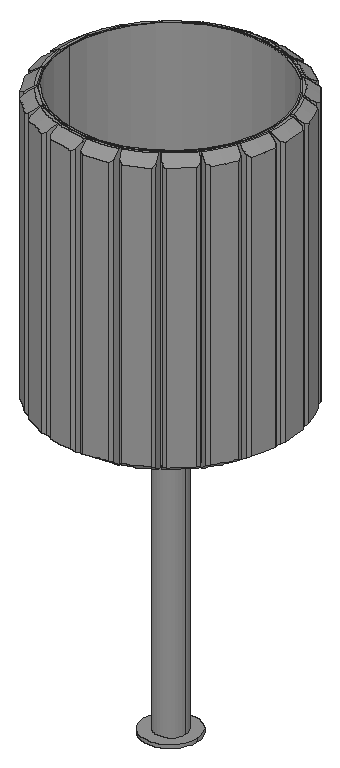
Revit family "Урна уличная «Радиус» Арт 7281", category Антураж, Revit 2018
Family settings
  На основе рабочей плоскости = Нет
  Всегда вертикально = Да
  При загрузке вырезать с полостями = Нет
  Источник визуального образа = Геометрия семейства
  Общий = Нет
  Точка расчета площади = Нет
Parameters (values of type "Урна уличная «Радиус». Версия Нержавеющая сталь")
  Ширина = Диаметр  # 400 mm
  Цвет урны = Нержавеющая сталь
  Цвет отделки = Дерево
  Описание = if(Нержавеющая сталь, "Урна уличная «Радиус». Версия: Нержавеющая сталь", "Урна уличная «Радиус». Версия: Объём 30 литров")  # "Урна уличная «Радиус». Версия: Нержавеющая сталь"
  Объём 30 литров = not(Нержавеющая сталь)  # no
  Нержавеющая сталь = yes
  Материал изделия = "Сталь, дерево"  # constant formula
  Изображение типоразмера = Урна уличная «Радиус» Арт 7281.jpg
  Изготовитель = "ООО «Хоббика»"  # constant formula
  Длина = Диаметр  # 400 mm
  Диаметр = 400 mm  # constant formula
  Группа модели = "Уличные урны"  # constant formula
  Высота = 580 mm  # constant formula
  Артикул товара = "Арт. 7281"  # constant formula
  URL = "https://hobbyka.ru/product/urna_ulichnaia_radius/"
Types (3, lengths in mm): name | Цвет урны | Описание | Объём 30 литров | Нержавеющая сталь
  (no name) | Нержавеющая сталь | "Урна уличная «Радиус». Версия: Нержавеющая сталь" | no | yes
  Урна уличная «Радиус». Версия Нержавеющая сталь | Нержавеющая сталь | "Урна уличная «Радиус». Версия: Нержавеющая сталь" | no | yes
  Урна уличная «Радиус». Версия Объём 30 литров | Сталь | "Урна уличная «Радиус». Версия: Объём 30 литров" | yes | no
Reference planes
  plane 1 "По центру (Вперед/Назад)": y = 0
  plane 2: z = 0
  plane 3 "По центру (Влево/Вправо)": x = 0
  plane 4: y = 400
  plane 5: x = 400
  plane 6: z = 580
Forms (mm)
  Extrusion 1, solid, material "Нержавеющая сталь" <- "Цвет урны"
    sketch origin (0, 0, 0) x (1, 0, 0) y (0, 1, 0)
      loop
        circle (200, 200) r 25
    from -400 to 100
  Extrusion 2, solid, material "Нержавеющая сталь" <- "Цвет урны"
    sketch origin (0, 0, 0) x (1, 0, 0) y (0, 1, 0)
      loop
        circle (200, 200) r 45
    from -400 to -395
  Extrusion 3, solid, material "Нержавеющая сталь" <- "Цвет урны"
    sketch origin (0, 0, 0) x (1, 0, 0) y (0, 1, 0)
      loop
        circle (200, 200) r 175
    from 100 to 580
  Extrusion 4, void
    sketch origin (0, 0, 0) x (1, 0, 0) y (0, 1, 0)
      loop
        circle (200, 200) r 173
    from 102 to 580
  Extrusion 5, solid, material "Дерево" <- "Цвет отделки"
    sketch origin (0, 0, 0) x (1, 0, 0) y (0, 1, 0)
      loop
        line (175, 375) -> (225, 375) -> (225, 393.431) -> (220, 398.431) -> (180, 398.431) -> (175, 393.431) -> (175, 375)
    from 100 to 580
  Extrusion 6, solid, material "Дерево" <- "Цвет отделки"
    sketch origin (-50.067, 67.838, 0) x (0.955571, -0.294762, 0) y (0.294762, 0.955571, 0)
      loop
        line (175, 375) -> (225, 375) -> (225, 393.431) -> (220, 398.431) -> (180, 398.431) -> (175, 393.431) -> (175, 375)
    from 100 to 580
  Extrusion 7, solid, material "Дерево" <- "Цвет отделки"
    sketch origin (-77.913, 147.42, 0) x (0.826231, -0.563332, 0) y (0.563332, 0.826231, 0)
      loop
        line (175, 375) -> (225, 375) -> (225, 393.431) -> (220, 398.431) -> (180, 398.431) -> (175, 393.431) -> (175, 375)
    from 100 to 580
  Extrusion 8, solid, material "Дерево" <- "Цвет отделки"
    sketch origin (-81.064, 231.674, 0) x (0.623473, -0.781845, 0) y (0.781845, 0.623473, 0)
      loop
        line (175, 375) -> (225, 375) -> (225, 393.431) -> (220, 398.431) -> (180, 398.431) -> (175, 393.431) -> (175, 375)
    from 100 to 580
  Extrusion 9, solid, material "Дерево" <- "Цвет отделки"
    sketch origin (-59.24, 313.114, 0) x (0.365314, -0.930884, 0) y (0.930884, 0.365314, 0)
      loop
        line (175, 375) -> (225, 375) -> (225, 393.431) -> (220, 398.431) -> (180, 398.431) -> (175, 393.431) -> (175, 375)
    from 100 to 580
  Extrusion 10, solid, material "Дерево" <- "Цвет отделки"
    sketch origin (-14.38, 384.502, 0) x (0.074694, -0.997206, 0) y (0.997206, 0.074694, 0)
      loop
        line (175, 375) -> (225, 375) -> (225, 393.431) -> (220, 398.431) -> (180, 398.431) -> (175, 393.431) -> (175, 375)
    from 100 to 580
  Extrusion 11, solid, material "Дерево" <- "Цвет отделки"
    sketch origin (49.529, 439.496, 0) x (-0.222563, -0.974918, 0) y (0.974918, -0.222563, 0)
      loop
        line (175, 375) -> (225, 375) -> (225, 393.431) -> (220, 398.431) -> (180, 398.431) -> (175, 393.431) -> (175, 375)
    from 100 to 580
  Extrusion 12, solid, material "Дерево" <- "Цвет отделки"
    sketch origin (126.809, 473.209, 0) x (-0.500044, -0.866, 0) y (0.866, -0.500044, 0)
      loop
        line (175, 375) -> (225, 375) -> (225, 393.431) -> (220, 398.431) -> (180, 398.431) -> (175, 393.431) -> (175, 375)
    from 100 to 580
  Extrusion 13, solid, material "Дерево" <- "Цвет отделки"
    sketch origin (210.592, 482.644, 0) x (-0.733091, -0.680131, 0) y (0.680131, -0.733091, 0)
      loop
        line (175, 375) -> (225, 375) -> (225, 393.431) -> (220, 398.431) -> (180, 398.431) -> (175, 393.431) -> (175, 375)
    from 100 to 580
  Extrusion 14, solid, material "Дерево" <- "Цвет отделки"
    sketch origin (293.434, 466.964, 0) x (-0.900997, -0.433825, 0) y (0.433825, -0.900997, 0)
      loop
        line (175, 375) -> (225, 375) -> (225, 393.431) -> (220, 398.431) -> (180, 398.431) -> (175, 393.431) -> (175, 375)
    from 100 to 580
  Extrusion 15, solid, material "Дерево" <- "Цвет отделки"
    sketch origin (367.974, 427.563, 0) x (-0.988842, -0.148971, 0) y (0.148971, -0.988842, 0)
      loop
        line (175, 375) -> (225, 375) -> (225, 393.431) -> (220, 398.431) -> (180, 398.431) -> (175, 393.431) -> (175, 375)
    from 100 to 580
  Extrusion 16, solid, material "Дерево" <- "Цвет отделки"
    sketch origin (427.588, 367.94, 0) x (-0.988819, 0.14912, 0) y (-0.14912, -0.988819, 0)
      loop
        line (175, 375) -> (225, 375) -> (225, 393.431) -> (220, 398.431) -> (180, 398.431) -> (175, 393.431) -> (175, 375)
    from 100 to 580
  Extrusion 17, solid, material "Дерево" <- "Цвет отделки"
    sketch origin (466.979, 293.394, 0) x (-0.900931, 0.433961, 0) y (-0.433961, -0.900931, 0)
      loop
        line (175, 375) -> (225, 375) -> (225, 393.431) -> (220, 398.431) -> (180, 398.431) -> (175, 393.431) -> (175, 375)
    from 100 to 580
  Extrusion 18, solid, material "Дерево" <- "Цвет отделки"
    sketch origin (482.646, 210.549, 0) x (-0.732988, 0.680241, 0) y (-0.680241, -0.732988, 0)
      loop
        line (175, 375) -> (225, 375) -> (225, 393.431) -> (220, 398.431) -> (180, 398.431) -> (175, 393.431) -> (175, 375)
    from 100 to 580
  Extrusion 19, solid, material "Дерево" <- "Цвет отделки"
    sketch origin (473.198, 126.767, 0) x (-0.499913, 0.866076, 0) y (-0.866076, -0.499913, 0)
      loop
        line (175, 375) -> (225, 375) -> (225, 393.431) -> (220, 398.431) -> (180, 398.431) -> (175, 393.431) -> (175, 375)
    from 100 to 580
  Extrusion 20, solid, material "Дерево" <- "Цвет отделки"
    sketch origin (439.474, 49.493, 0) x (-0.222416, 0.974952, 0) y (-0.974952, -0.222416, 0)
      loop
        line (175, 375) -> (225, 375) -> (225, 393.431) -> (220, 398.431) -> (180, 398.431) -> (175, 393.431) -> (175, 375)
    from 100 to 580
  Extrusion 21, solid, material "Дерево" <- "Цвет отделки"
    sketch origin (384.47, -14.408, 0) x (0.074845, 0.997195, 0) y (-0.997195, 0.074845, 0)
      loop
        line (175, 375) -> (225, 375) -> (225, 393.431) -> (220, 398.431) -> (180, 398.431) -> (175, 393.431) -> (175, 375)
    from 100 to 580
  Extrusion 22, solid, material "Дерево" <- "Цвет отделки"
    sketch origin (313.075, -59.257, 0) x (0.365455, 0.930829, 0) y (-0.930829, 0.365455, 0)
      loop
        line (175, 375) -> (225, 375) -> (225, 393.431) -> (220, 398.431) -> (180, 398.431) -> (175, 393.431) -> (175, 375)
    from 100 to 580
  Extrusion 23, solid, material "Дерево" <- "Цвет отделки"
    sketch origin (231.632, -81.068, 0) x (0.623591, 0.781751, 0) y (-0.781751, 0.623591, 0)
      loop
        line (175, 375) -> (225, 375) -> (225, 393.431) -> (220, 398.431) -> (180, 398.431) -> (175, 393.431) -> (175, 375)
    from 100 to 580
  Extrusion 24, solid, material "Дерево" <- "Цвет отделки"
    sketch origin (147.378, -77.905, 0) x (0.826316, 0.563207, 0) y (-0.563207, 0.826316, 0)
      loop
        line (175, 375) -> (225, 375) -> (225, 393.431) -> (220, 398.431) -> (180, 398.431) -> (175, 393.431) -> (175, 375)
    from 100 to 580
  Extrusion 25, solid, material "Дерево" <- "Цвет отделки"
    sketch origin (67.801, -50.047, 0) x (0.955615, 0.294618, 0) y (-0.294618, 0.955615, 0)
      loop
        line (175, 375) -> (225, 375) -> (225, 393.431) -> (220, 398.431) -> (180, 398.431) -> (175, 393.431) -> (175, 375)
    from 100 to 580
  Revolve 26, void
    sketch origin (200, 0, 0) x (0, 1, 0) y (0, 0, 1)
      loop
        line (0, 580) -> (0, 566.51) -> (20, 580) -> (0, 580)
      loop
        line (0, 100) -> (20, 100) -> (0, 113.49) -> (0, 100)
      axis (200, 580) -> (200, 100)
    angle from 0 to 360
Cuts and joins
  Extrusion 4 cuts Extrusion 1
  joined: Extrusion 1, Extrusion 2
  Extrusion 4, Revolve 26 cuts Extrusion 3
  Revolve 26 cuts Extrusion 17
  Revolve 26 cuts Extrusion 18
  Revolve 26 cuts Extrusion 24
  Revolve 26 cuts Extrusion 25
  Revolve 26 cuts Extrusion 23
  Revolve 26 cuts Extrusion 22
  Revolve 26 cuts Extrusion 21
  Revolve 26 cuts Extrusion 20
  Revolve 26 cuts Extrusion 19
  Revolve 26 cuts Extrusion 6
  Revolve 26 cuts Extrusion 5
  Revolve 26 cuts Extrusion 7
  Revolve 26 cuts Extrusion 8
  Revolve 26 cuts Extrusion 9
  Revolve 26 cuts Extrusion 10
  Revolve 26 cuts Extrusion 11
  Revolve 26 cuts Extrusion 12
  Revolve 26 cuts Extrusion 13
  Revolve 26 cuts Extrusion 14
  Revolve 26 cuts Extrusion 15
  Revolve 26 cuts Extrusion 16
Lines and regions (mm)
  reference lines
    curve 1: circle (200, 200, 0) r 200 normal (0, 0, 1)
  symbolic lines
    curve 2: line (0, 200, 0) -> (400, 200, 0)
Dimensions and locks
  "Длина": plane 5 to plane 3 "По центру (Влево/Вправо)"
  "Ширина": plane 4 to plane 1 "По центру (Вперед/Назад)"
  "Высота": plane 6 to plane 2
  "Диаметр": diameter of curve 1
  aligned and locked: level to plane 2
Automatic sketch dimensions
  Extrusion 5 sketch curve to Extrusion 5 sketch curve = 50 mm
  Extrusion 5 sketch curve to Extrusion 5 sketch curve = 5 mm  (x3)
  Extrusion 5 sketch curve to Extrusion 5 sketch curve = 18.431 mm  (x2)
  Extrusion 6 sketch curve to Extrusion 6 sketch curve = 50 mm
  Extrusion 6 sketch curve to Extrusion 6 sketch curve = 5 mm  (x3)
  Extrusion 6 sketch curve to Extrusion 6 sketch curve = 18.431 mm  (x2)
  Extrusion 7 sketch curve to Extrusion 7 sketch curve = 50 mm
  Extrusion 7 sketch curve to Extrusion 7 sketch curve = 5 mm  (x3)
  Extrusion 7 sketch curve to Extrusion 7 sketch curve = 18.431 mm  (x2)
  Extrusion 8 sketch curve to Extrusion 8 sketch curve = 50 mm
  Extrusion 8 sketch curve to Extrusion 8 sketch curve = 5 mm  (x3)
  Extrusion 8 sketch curve to Extrusion 8 sketch curve = 18.431 mm  (x2)
  Extrusion 9 sketch curve to Extrusion 9 sketch curve = 50 mm
  Extrusion 9 sketch curve to Extrusion 9 sketch curve = 5 mm  (x3)
  Extrusion 9 sketch curve to Extrusion 9 sketch curve = 18.431 mm  (x2)
  Extrusion 10 sketch curve to Extrusion 10 sketch curve = 50 mm
  Extrusion 10 sketch curve to Extrusion 10 sketch curve = 5 mm  (x3)
  Extrusion 10 sketch curve to Extrusion 10 sketch curve = 18.431 mm  (x2)
  Extrusion 11 sketch curve to Extrusion 11 sketch curve = 50 mm
  Extrusion 11 sketch curve to Extrusion 11 sketch curve = 5 mm  (x3)
  Extrusion 11 sketch curve to Extrusion 11 sketch curve = 18.431 mm  (x2)
  Extrusion 12 sketch curve to Extrusion 12 sketch curve = 50 mm
  Extrusion 12 sketch curve to Extrusion 12 sketch curve = 5 mm  (x3)
  Extrusion 12 sketch curve to Extrusion 12 sketch curve = 18.431 mm  (x2)
  Extrusion 13 sketch curve to Extrusion 13 sketch curve = 50 mm
  Extrusion 13 sketch curve to Extrusion 13 sketch curve = 5 mm  (x3)
  Extrusion 13 sketch curve to Extrusion 13 sketch curve = 18.431 mm  (x2)
  Extrusion 14 sketch curve to Extrusion 14 sketch curve = 50 mm
  Extrusion 14 sketch curve to Extrusion 14 sketch curve = 5 mm  (x3)
  Extrusion 14 sketch curve to Extrusion 14 sketch curve = 18.431 mm  (x2)
  Extrusion 15 sketch curve to Extrusion 15 sketch curve = 50 mm
  Extrusion 15 sketch curve to Extrusion 15 sketch curve = 5 mm  (x3)
  Extrusion 15 sketch curve to Extrusion 15 sketch curve = 18.431 mm  (x2)
  Extrusion 16 sketch curve to Extrusion 16 sketch curve = 50 mm
  Extrusion 16 sketch curve to Extrusion 16 sketch curve = 5 mm  (x3)
  Extrusion 16 sketch curve to Extrusion 16 sketch curve = 18.431 mm  (x2)
  Extrusion 17 sketch curve to Extrusion 17 sketch curve = 50 mm
  Extrusion 17 sketch curve to Extrusion 17 sketch curve = 5 mm  (x3)
  Extrusion 17 sketch curve to Extrusion 17 sketch curve = 18.431 mm  (x2)
  Extrusion 18 sketch curve to Extrusion 18 sketch curve = 50 mm
  Extrusion 18 sketch curve to Extrusion 18 sketch curve = 5 mm  (x3)
  Extrusion 18 sketch curve to Extrusion 18 sketch curve = 18.431 mm  (x2)
  Extrusion 19 sketch curve to Extrusion 19 sketch curve = 50 mm
  Extrusion 19 sketch curve to Extrusion 19 sketch curve = 5 mm  (x3)
  Extrusion 19 sketch curve to Extrusion 19 sketch curve = 18.431 mm  (x2)
  Extrusion 20 sketch curve to Extrusion 20 sketch curve = 50 mm
  Extrusion 20 sketch curve to Extrusion 20 sketch curve = 5 mm  (x3)
  Extrusion 20 sketch curve to Extrusion 20 sketch curve = 18.431 mm  (x2)
  Extrusion 21 sketch curve to Extrusion 21 sketch curve = 50 mm
  Extrusion 21 sketch curve to Extrusion 21 sketch curve = 5 mm  (x3)
  Extrusion 21 sketch curve to Extrusion 21 sketch curve = 18.431 mm  (x2)
  Extrusion 22 sketch curve to Extrusion 22 sketch curve = 50 mm
  Extrusion 22 sketch curve to Extrusion 22 sketch curve = 5 mm  (x3)
  Extrusion 22 sketch curve to Extrusion 22 sketch curve = 18.431 mm  (x2)
  Extrusion 23 sketch curve to Extrusion 23 sketch curve = 50 mm
  Extrusion 23 sketch curve to Extrusion 23 sketch curve = 5 mm  (x3)
  Extrusion 23 sketch curve to Extrusion 23 sketch curve = 18.431 mm  (x2)
  Extrusion 24 sketch curve to Extrusion 24 sketch curve = 50 mm
  Extrusion 24 sketch curve to Extrusion 24 sketch curve = 5 mm  (x3)
  Extrusion 24 sketch curve to Extrusion 24 sketch curve = 18.431 mm  (x2)
  Extrusion 25 sketch curve to Extrusion 25 sketch curve = 50 mm
  Extrusion 25 sketch curve to Extrusion 25 sketch curve = 5 mm  (x3)
  Extrusion 25 sketch curve to Extrusion 25 sketch curve = 18.431 mm  (x2)
  curve 2 to plane 3 "По центру (Влево/Вправо)" = 0 mm
  curve 2 to plane 5 = 0 mm
  curve 2 to plane 1 "По центру (Вперед/Назад)" = 200 mm
  plane 3 "По центру (Влево/Вправо)" to curve 1 = 200 mm
  curve 1 to plane 1 "По центру (Вперед/Назад)" = 200 mm
  plane 3 "По центру (Влево/Вправо)" to Extrusion 1 sketch curve = 200 mm
  Extrusion 1 sketch curve to plane 1 "По центру (Вперед/Назад)" = 200 mm
  Extrusion 2 sketch curve to Extrusion 2 sketch curve = 0 mm  (x2)
  plane 3 "По центру (Влево/Вправо)" to Extrusion 2 sketch curve = 200 mm
  Extrusion 2 sketch curve to plane 1 "По центру (Вперед/Назад)" = 200 mm
  Extrusion 2 sketch curve to Extrusion 2 sketch curve = 45 mm
  plane 3 "По центру (Влево/Вправо)" to Extrusion 3 sketch curve = 200 mm
  Extrusion 3 sketch curve to plane 1 "По центру (Вперед/Назад)" = 200 mm
  Extrusion 4 sketch curve to Extrusion 4 sketch curve = 0 mm  (x2)
  plane 3 "По центру (Влево/Вправо)" to Extrusion 4 sketch curve = 200 mm
  Extrusion 4 sketch curve to plane 1 "По центру (Вперед/Назад)" = 200 mm
  plane 3 "По центру (Влево/Вправо)" to Extrusion 4 sketch curve = 27 mm
  Revolve 26 sketch curve to plane 1 "По центру (Вперед/Назад)" = 0 mm  (x2)
  Revolve 26 sketch curve to plane 6 = 0 mm
  Revolve 26 sketch curve to plane 1 "По центру (Вперед/Назад)" = 20 mm  (x2)
  Revolve 26 sketch curve to Revolve 26 sketch curve = 13.49 mm  (x2)
  level to Revolve 26 sketch curve = 113.49 mm
  plane 6 to Revolve 26 sketch curve = 45 mm
  Revolve 26 sketch curve to Revolve 26 sketch curve = 180 mm
  level to Revolve 26 sketch curve = 60 mm
  radius of Extrusion 1 sketch curve = 25 mm
  radius of Extrusion 3 sketch curve = 175 mm
